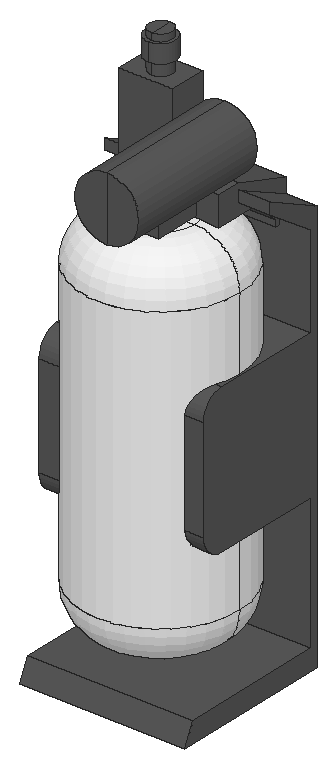
Revit family "Plumbing-Fix_Soap-Container_Stern_Bottle", category Plumbing Fixtures, Revit 2026
Family settings
  Round Connector Dimension = Use Diameter
  Part Type = Normal
  Classification Number = 23.45.05.00
  Work Plane-Based = Yes
  Enable Cutting in Views = No
  Always vertical = No
  Cut with Voids When Loaded = No
  Maintain Annotation Orientation = No
  Shared = No
  Room Calculation Point = No
Parameters (values of type "Single Feed")
  Waste Connection = no
  Warranty Duration (Years) = 2
  WFU = 0
  Vent Connection = no
  Unit Width = 0' - 3 5/8"
  Unit Height = 1' - 0 7/8"
  Unit Depth = 0' - 5"
  URL = "http://www.sternfaucets.com/"
  Type Comments = "Max. Distance between pump and MF tank: 3 meters / 9.8 feet"
  Support Color [instance] = Finish - Stern - Black
  Specification = ""
  SpecWizard = ""
  Show Coverage Area [instance] = yes
  Sales Information = "http://www.sternfaucets.com/contact-us/contact-us-int-l.html"
  Revision = "R1_2018-04"
  Product Properties = ""
  Product Data = "http://www.arcat.com/arcatcos/cos50/arc50092.html"
  Model = "Soap Bottle"
  Manufacturer Website = "http://www.sternfaucets.com/"
  Manufacturer Phone - Toll Free = "800-436-4410"
  Manufacturer Phone = ""
  Manufacturer Fax = ""
  Manufacturer Address = "777 Passaic Ave.  Clifton, NJ 07012"
  Manufacturer = "Stern Engineering"
  Maintenance Schedule (Months) = 0
  Keynote = ""
  Installation-Fabrication = ""
  Installation Phase = ""
  Include Pump on Bottle = yes
  HWFU = 0
  HW Connection = no
  Green Building-LEED = ""
  Expected Lifespan (Years) = 0
  Drawn By = "Sumex Design, Inc. / Robert S. Weygant, CSI, CDT, SCIP"
  Description = "Stern Single Feed Soap Container - 33 oz / 1 liter"
  Default Elevation = 0' - 0"
  Cost = 0
  Copyright = "©Arcat Inc."
  Container Color [instance] = Finish - Stern - White
  Construction Details = ""
  Capacity = "33 oz / 1 liter"
  CWFU = 0
  CW Connection = no
  Assembly Code = "D2090900"
Types (2): name | Include Pump on Bottle | Description
  Single Feed | yes | "Stern Single Feed Soap Container - 33 oz / 1 liter"
  Multifeed | no | "Stern Multifeed Soap Container - 33 oz / 1 liter"
Reference planes (in)
  plane 1 "Center (Front/Back)": y = 0
  plane 2 "Bottom": z = 0
  plane 3 "Center (Left/Right)": x = 0
  plane 4 "Front": y = -5
  plane 5 "Left": x = -1.8125
  plane 6 "Right": x = 1.8125
  plane 7 "Top": z = 12.875
Lines and regions (in)
  model lines, visible <- "Show Coverage Area"
    curve 1: line (0, 0.01062, 0) -> (36, 0.01062, 0)
    curve 2: line (-36, 0.01062, 0) -> (0, 0.01062, 0)
    curve 3: spline (-36, 0.01062, 0) -> (-34.77333, -3.02751, 0) -> (-31.17691, -5.8586, 0) -> (-25.45584, -8.28971, 0) -> (-18, -10.15517, 0) -> (-9.31749, -11.32784, 0) -> (0, -11.72782, 0) -> (9.31749, -11.32784, 0) -> (18, -10.15517, 0) -> (25.45584, -8.28971, 0) -> (31.17691, -5.8586, 0) -> (34.77333, -3.02751, 0) -> (36, 0.01062, 0)
Dimensions and locks (in)
  equal spacing: plane 5 "Left", plane 3 "Center (Left/Right)", plane 6 "Right"
  "Unit Width": plane 5 "Left" to plane 6 "Right"
  "Unit Depth": plane 1 "Center (Front/Back)" to plane 4 "Front"
  "Unit Height": plane 7 "Top" to level
Automatic sketch dimensions
  curve 1 to plane 3 "Center (Left/Right)" = 0' - 0"
  curve 3 to plane 3 "Center (Left/Right)" = 0' - 0"
  curve 2 to plane 1 "Center (Front/Back)" = 0' - 0.01062"
  curve 2 to plane 5 "Left" = 2' - 10 3/16"
Nested families (in)
  nested 1: "Soap Container" at (0, -2.02734, 0), Pump <- "Include Pump on Bottle", container mat <- "Container Color", mat <- "Support Color", type "Bottle"
    with mat Finish - Stern - Black, container mat Finish - Stern - White, Pump yes, Bottle yes
Definition of nested family "Soap Container"
  Parameters (values of type "Bottle")
    mat [instance] = none
    container mat [instance] = none
    Pump [instance] = yes
    Default Elevation = 4' - 0"
    Bottle [instance] = yes
  Reference planes (in)
    plane 1 "Center (Front/Back)": y = 0
    plane 2: z = 0
    plane 3 "Center (Left/Right)": x = 0
  Forms (in)
    Extrusion 1, solid, material <- "mat", visible <- "Bottle"
      sketch origin (0, 0, 12.875) x (0, 1, 0) y (0, 0, 1)
        loop
          line (2.02734, -12.875) -> (2.02734, -3.76275) -> (0.74165, -3.13568) -> (0.74165, -3.38568) -> (1.86442, -4.17185) -> (1.86442, -6.19761) -> (-0.57308, -6.19761)
          arc (-0.57308, -6.19761) -> (-0.92664, -6.34406) -> (-1.07308, -6.69761) r 0.5
          line (-1.07308, -6.69761) -> (-1.07308, -8.94761)
          arc (-1.07308, -8.94761) -> (-0.92664, -9.30116) -> (-0.57308, -9.44761) r 0.5
          line (-0.57308, -9.44761) -> (1.86442, -9.44761) -> (1.86442, -12.42185) -> (-1.38558, -12.42185) -> (-1.59689, -12.875) -> (2.02734, -12.875)
      from -1.81618 to 1.81078
    Revolve 2, solid, material <- "container mat", visible <- "Bottle"
      sketch origin (0, 0, 12.875) x (1, 0, 0) y (0, 0, 1)
        loop
          line (0, -3.625) -> (0, -11.875) -> (0.75, -11.875)
          arc (0.75, -11.875) -> (1.45711, -11.58211) -> (1.75, -10.875) r 1
          line (1.75, -10.875) -> (1.75, -4.625)
          arc (1.75, -4.625) -> (1.45711, -3.91789) -> (0.75, -3.625) r 1
          line (0.75, -3.625) -> (0, -3.625)
        axis (0, -3.625) -> (0, -11.875)
      angle from 0 to 360
  Dimensions and locks (in)
    aligned and locked: plane 2 to level
  Nested families (in)
    nested 1: "SoapPumpMF" at (0, 0, 8.54554), material <- "mat", visible <- "Pump", type "SoapPumpMF"
      with material none
  Definition of nested family "SoapPumpMF"
    Parameters (values of type "SoapPumpMF")
      material [instance] = none
      Default Elevation = 4' - 0"
    Reference planes (in)
      plane 1 "Center (Front/Back)": y = 0
      plane 2: z = 0
      plane 3 "Center (Left/Right)": x = 0
    Forms (in)
      Revolve 1, solid, material <- "material"
        sketch origin (0, 2.03797, 0) x (0, 1, 0) y (0, 0, 1)
          loop
            line (-2.03797, 4.32946) -> (-2.28797, 4.32946) -> (-2.28797, 4.19095) -> (-2.36548, 4.19095) -> (-2.36548, 3.78694) -> (-2.28797, 3.78694) -> (-2.28797, 1.78694) -> (-2.18659, 1.78694) -> (-2.18659, 0.15571) -> (-2.03797, 0.15571) -> (-2.03797, 4.32946)
          axis (-2.03797, 0.15571) -> (-2.03797, 4.32946)
        angle from 0 to 360
      Extrusion 2, solid, material <- "material"
        sketch origin (0, 2.03797, 0) x (0, 1, 0) y (0, 0, 1)
          loop
            line (-2.44679, 3.51178) -> (-2.44679, 1.47573) -> (-2.83193, 1.47573) -> (-2.83193, 0.72573) -> (-1.33193, 0.72573) -> (-1.33193, 1.42224) -> (-1.63375, 1.42224) -> (-1.63375, 3.51178) -> (-2.44679, 3.51178)
        from -0.58494 to 0.60215
      Extrusion 3, solid, material <- "material"
        sketch origin (0, 2.03797, 0) x (0, 1, 0) y (0, 0, 1)
          loop
            line (-1.82355, 1.32021) -> (-1.82355, 0.67433) -> (-0.78033, 0.67433) -> (-0.25, 0.144) -> (-0.25, 0) -> (0, 0) -> (0, 0.88261) -> (-1.27088, 1.32021) -> (-1.82355, 1.32021)
        from -1.05494 to 1.11467
      Revolve 4, solid, material <- "material"
        sketch origin (1.125, 2.03797, 0.03125) x (0, 1, 0) y (0, 0, 1)
          loop
            line (-4.92555, 3.09325) -> (-4.92555, 2.38909) -> (-1.67555, 2.38909) -> (-1.67555, 3.09325) -> (-4.92555, 3.09325)
          axis (-4.92555, 2.38909) -> (-1.67555, 2.38909)
        angle from 0 to 360
    Dimensions and locks (in)
      aligned and locked: plane 2 to level
